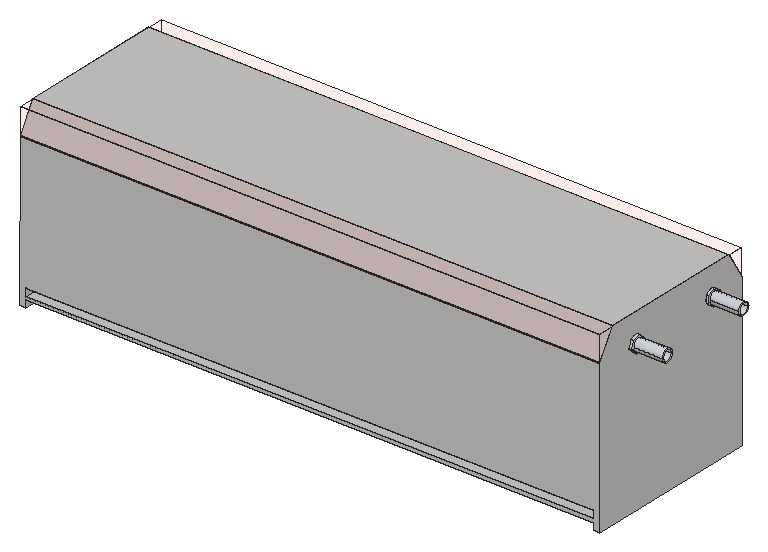
Revit family "Air-Curtain_Climate-Control_PoweredAire_ECE-HW", category Mechanical Equipment, host Face, Revit 2022
Family settings
  Host = Face
  Round Connector Dimension = Use Diameter
  Part Type = Normal
  OmniClass Number = 23.75.35.17.21
  OmniClass Title = Air Curtains
  Cut with Voids When Loaded = No
  Maintain Annotation Orientation = No
  Shared = No
  Room Calculation Point = No
Parameters
  upperrotation [instance] = if(Upper Pipe Connection Side A, 0.00°, 180.00°)  # 0.00°
  lowerrotation [instance] = if(Lower Pipe Connection Side A, 0.00°, 180.00°)  # 0.00°
  locateupperpipe [instance] = if(Upper Pipe Connection Side A, 0' 0", Nozzle Width)  # 0' - 0"
  locatelowerpipe [instance] = if(Lower Pipe Connection Side A, 0' 0", Nozzle Width)  # 0' - 0"
  Upper Pipe Connection Side A [instance] = yes
  Unit Width Notes = "Other Widths available."  # constant formula
  Unit Width = 4' - 1"
  Unit Weight = 0
  Unit Height = 1' - 3"
  Unit Depth [instance] = if(Include Filters, 2' 1 7/8", 1' 11 3/4")  # 1' - 11 3/4"
  Unit  Depth [instance] = 1' - 3"
  URL = "http://www.poweredaire.com/"
  Specification = ""
  Projection from Host [instance] = 0' - 0"
  Product Page URL = "https://www.arcat.com/company/powered-aire-inc-47623"
  Power Rating = 0 W
  Piping_Water Flow [instance] = 0 GPM
  Piping_Operating Pressure [instance] = 0.00 psi
  Piping_Exit Temperature [instance] = 0 °F
  Piping_Entry Temperature [instance] = 0 °F
  Pipe OD [instance] = 5/8"
  Nozzle Width = if(1 = 1, Unit Width - 0' 3", 0' 0")  # 3' - 10"
  Mounting Width = if(1 = 1, Unit Width - 0' 1 1/2", 0' 0")  # 3' - 11 1/2"
  Mounting Height [instance] = 3' - 6"
  Motor RPM = 0
  Motor HP = 0
  Motor Count = 0
  Model = "ECE HW"
  Max Height = 0' - 0"
  Manufacturer = "Powered Aire, Inc"
  Lower Pipe Connection Side A [instance] = yes
  Keynote = "23 34 33"
  Include Filters [instance] = no
  Include Clearance [instance] = yes
  Heating Element Load = 0 W
  HVAC_Temperature Rise [instance] = 0 °F
  HVAC_Outlet Volume [instance] = 0 CFM
  HVAC_Outlet Velocity Uniformity = 0
  HVAC_Outlet Velocity [instance] = 0 FPM
  HVAC_BTU Input = 0.0 Btu/h
  Front Grating Material [instance] = Metal - Steel - PoweredAire - Stainless 304 Perforated
  Frame Finish [instance] = Metal - Steel - PoweredAire - Stainless 304
  Electrical_Wattage [instance] = Power Rating + Heating Element Load  # 0 W
  Electrical_Voltage [instance] = 0 V
  Electrical_Phase [instance] = 1
  Electrical_Frequency [instance] = 0 Hz
  Electrical_Amperage [instance] = 0 A
  Description = ""
  Default Elevation = 0' - 0"  # constant formula
  Copyright = "©Arcat Inc."
  Clearance_Top [instance] = 0' - 0"
  Clearance_Side B [instance] = 0' - 0"
  Clearance_Side A [instance] = 0' - 0"
  Clearance_Intake [instance] = 0' - 0"
  Clearance_Bottom [instance] = 0' - 0"
  Clearance Material [instance] = ARCAT Clearance
  CAD Details = ""
  Assembly Code = "D3090400"
Reference planes (in)
  plane 1 "Center (Elevation)": y = 0.13818
  plane 2: z = 0
  plane 3 "Center (Left/Right)": x = 0
  plane 4: y = 7.63818
  plane 5: y = -7.36182
  plane 6: x = 24.5
  plane 7: z = 15
  plane 8 "FF": y = -41.86182
  plane 9: x = 24.5
  plane 10: x = -24.5
  plane 11: y = 7.63818
  plane 12: y = -7.36182
  plane 13: x = -24.5
  plane 14: y = 6.26318
  plane 15: y = -5.98682
  plane 16: z = 12.75
  plane 17: y = 4.38818
  plane 18: y = -3.67182
  plane 19: z = 0
  plane 20: y = 9.88818
  plane 21: x = 24
  plane 22: x = -24
Forms (in)
  Extrusion 1, solid, material "Metal - Steel - PoweredAire - Stainless 304" <- "Frame Finish"
    sketch origin (0, -0.0191, 0) x (0, 1, 0) y (0, 0, 1)
      loop
        line (-7.34273, 0) -> (7.65727, 0) -> (7.65727, 12.75) -> (6.24408, 15.03125) -> (-5.96773, 15.03125) -> (-7.34273, 12.75) -> (-7.34273, 0)
    from -24.5 to 24.5
  Extrusion 2, solid, material "ARCAT Clearance" <- "Clearance Material", visible <- "Include Clearance"
    sketch origin (0, 0, 0) x (0, 1, 0) y (0, 0, 1)
      loop
        line (-7.36182, 15) -> (-7.36182, 0) -> (7.63818, 0) -> (7.63818, 15) -> (-7.36182, 15)
    from -24.5 to 24.5
  Extrusion 3, solid
    sketch origin (0, 0, 0) x (0, 1, 0) y (0, 0, 1)
      loop
        circle (-3.67182, 12.75) r 0.44922
      loop
        circle (4.38818, 12.75) r 0.44922
      loop
        circle (-3.67182, 12.75) r 0.5
      loop
        circle (4.38818, 12.75) r 0.5
    from 24.5 to 27.25
  Extrusion 4, solid
    sketch origin (0, 0, 0) x (0, 1, 0) y (0, 0, 1)
      loop
        line (-3.19979, 12.27796) -> (-3.02701, 12.92278) -> (-3.49905, 13.39481) -> (-4.14386, 13.22204) -> (-4.31664, 12.57722) -> (-3.8446, 12.10519) -> (-3.19979, 12.27796)
      loop
        line (4.93501, 12.3671) -> (4.99319, 13.03212) -> (4.44636, 13.41502) -> (3.84134, 13.1329) -> (3.78316, 12.46788) -> (4.32999, 12.08498) -> (4.93501, 12.3671)
      loop
        circle (-3.67182, 12.75) r 0.5
      loop
        circle (4.38818, 12.75) r 0.5
    from 24.5 to 24.78
  Extrusion 5, void
    sketch origin (0.25, 0, -1) x (0, 1, 0) y (0, 0, 1)
      loop
        line (-7.36182, 1) -> (-6.36182, 1) -> (-6.36182, 2.5) -> (-7.36182, 2.5) -> (-7.36182, 1.82425) -> (-6.50864, 1.82425) -> (-6.50864, 1.57425) -> (-7.36182, 1.57425) -> (-7.36182, 1)
    from -24.25 to 23.75
  Extrusion 6, solid
    sketch origin (0, 0.13818, 0) x (1, 0, 0) y (0, 0, 1)
      loop
        line (1.90625, 10.0625) -> (-1.90625, 10.0625)
        arc (-1.90625, 10.0625) -> (-1.97254, 10.03504) -> (-2, 9.96875) r 0.09375
        line (-2, 9.96875) -> (-2, 6.15625)
        arc (-2, 6.15625) -> (-1.97254, 6.08996) -> (-1.90625, 6.0625) r 0.09375
        line (-1.90625, 6.0625) -> (1.90625, 6.0625)
        arc (1.90625, 6.0625) -> (1.97254, 6.08996) -> (2, 6.15625) r 0.09375
        line (2, 6.15625) -> (2, 9.96875)
        arc (2, 9.96875) -> (1.97254, 10.03504) -> (1.90625, 10.0625) r 0.09375
    from -9.75 to -7.5
  Extrusion 7, solid, material "Metal - Steel - PoweredAire - Stainless 304 Perforated"
    sketch origin (0, 0, 0) x (0, 1, 0) y (0, 0, 1)
      loop
        line (-5.98682, 15.03125) -> (6.22498, 15.03125) -> (7.63818, 12.75) -> (7.63818, 12.80115) -> (6.24908, 15.07422) -> (-6.01109, 15.07422) -> (-7.36182, 12.83324) -> (-7.36182, 12.75) -> (-5.98682, 15.03125)
    from -24.5 to 24.5
  Extrusion 8, solid
    sketch origin (0, 0, 0) x (0, 1, 0) y (0, 0, 1)
      loop
        circle (-3.67182, 12.75) r 0.53906
      loop
        circle (4.38818, 12.75) r 0.53906
    from 23.98 to 24.5
Cuts and joins
  Extrusion 5 cuts Extrusion 1
  Extrusion 5 cuts Extrusion 2
Lines and regions (in)
  reference lines
    curve 1: line (19.5, 6.26318, 0) -> (24.25, 6.26318, 0)
    curve 2: line (19.5, -5.98682, 0) -> (23.75, -5.98682, 0)
Dimensions and locks (in)
  equal spacing: plane 4, plane 1 "Center (Elevation)", plane 5
  "Unit Height": plane 4 to plane 5
  plane 10 to plane 3 "Center (Left/Right)" to plane 9 = 2' - 0 1/2", 2' - 0 1/2"
  "Mounting Height": plane 1 "Center (Elevation)" to plane 8 "FF"
  "Clearance_Top": plane 11 to plane 4
  "Clearance_Bottom": plane 5 to plane 12
  locked: plane 12 to plane 18 at 3.69
  locked: plane 17 to plane 11 at 3.25
  locked: Extrusion 1 to Extrusion 3 at 2.75
  "Clearance_Side B": plane 9 to plane 6
  "Clearance_Side A": plane 13 to plane 10
  "Unit Width": plane 10 to plane 9
  locked: plane 6 to Extrusion 4 at 0.28
  Extrusion 5 sketch curve to Extrusion 5 sketch curve to Extrusion 5 sketch curve to Extrusion 5 sketch curve = 0' - 0.67575" locked, 0' - 0 1/4" locked, 0' - 0.57425" locked
  locked: Extrusion 5 sketch curve to Extrusion 5 sketch curve at 0.14681
  "Projection from Host": plane 2 to plane 19
  locked: plane 16 to plane 7 at 2.25
  "Unit  Depth": plane 7 to plane 19
  Extrusion 6 to plane 3 "Center (Left/Right)" to Extrusion 6 = 0' - 2" locked, 0' - 2" locked
  locked: Extrusion 6 to Extrusion 6 at 4
  locked: Extrusion 6 to plane 7 at 4.9375
  locked: cut or joined group of Extrusion 2, Extrusion 5 to Extrusion 6 at 2.25
  locked: plane 20 to plane 11 at 2.25
  equal spacing: cut or joined group of Extrusion 2, Extrusion 5, plane 3 "Center (Left/Right)", cut or joined group of Extrusion 2, Extrusion 5
  locked: plane 22 to plane 10 at 0.5
  locked: plane 9 to plane 21 at 0.5
  locked: Extrusion 8 to plane 6 at 0.52
  plane 9 to plane 6 = 0' - 0"
  aligned and locked: plane 2 to host face
  aligned and locked: host face to level
  aligned and locked: plane 12 to Extrusion 2 sketch curve
  aligned and locked: level to Extrusion 2 sketch curve
  aligned and locked: Extrusion 2 sketch curve to plane 11
  aligned and locked: Extrusion 2 to plane 13
  aligned and locked: plane 9 to Extrusion 1
  aligned and locked: Extrusion 1 to plane 10
  aligned and locked: plane 15 to curve 2
  aligned and locked: plane 14 to curve 1
  aligned and locked: plane 6 to Extrusion 2
  aligned and locked: Extrusion 3 to Extrusion 1
  aligned and locked: Extrusion 3 to plane 9
  aligned and locked: plane 9 to Extrusion 3  (x2)
  aligned and locked: plane 10 to Extrusion 1
  aligned and locked: Extrusion 4 to plane 6
  aligned and locked: plane 19 to cut or joined group of Extrusion 1, Extrusion 5
  aligned and locked: Extrusion 1 to Extrusion 5
  aligned and locked: Extrusion 1 to plane 4
  aligned and locked: Extrusion 1 to plane 5
  aligned and locked: cut or joined group of Extrusion 1, Extrusion 5 to plane 11
  aligned and locked: Extrusion 7 sketch curve to plane 5
  aligned and locked: plane 4 to Extrusion 7 sketch curve
  aligned and locked: Extrusion 7 to cut or joined group of Extrusion 1, Extrusion 5  (x2)
  aligned and locked: Extrusion 6 to cut or joined group of Extrusion 1, Extrusion 5
  aligned and locked: cut or joined group of Extrusion 1, Extrusion 5 to Extrusion 6
  aligned and locked: Extrusion 6 to plane 20
  aligned and locked: Extrusion 5 to cut or joined group of Extrusion 2, Extrusion 5  (x2)
  aligned and locked: plane 21 to cut or joined group of Extrusion 2, Extrusion 5
  aligned and locked: cut or joined group of Extrusion 2, Extrusion 5 to plane 22
  aligned and locked: Extrusion 8 to Extrusion 4
Automatic sketch dimensions
  host sketch curve to host sketch curve = 8' - 0"  (x2)
  curve 1 to plane 9 = 0' - 0 1/4"
  curve 1 to curve 1 = 0' - 4 3/4"
  curve 2 to plane 9 = 0' - 5"
  Extrusion 3 sketch curve to Extrusion 3 sketch curve = 0' - 0"  (x4)
  Extrusion 3 sketch curve to plane 16 = 0' - 0"  (x2)
  Extrusion 3 sketch curve to plane 18 = 0' - 0"
  Extrusion 3 sketch curve to plane 17 = 0' - 0"
  Extrusion 4 sketch curve to plane 16 = 0' - 0"  (x2)
  Extrusion 4 sketch curve to plane 18 = 0' - 0"
  Extrusion 4 sketch curve to plane 17 = 0' - 0"
  plane 18 to Extrusion 4 sketch curve = 0' - 0.17278"
  plane 18 to Extrusion 4 sketch curve = 0' - 0.47204"
  Extrusion 4 sketch curve to plane 16 = 0' - 0.17278"
  plane 18 to Extrusion 4 sketch curve = 0' - 0.64481"
  Extrusion 4 sketch curve to plane 18 = 0' - 0.17278"
  Extrusion 4 sketch curve to plane 18 = 0' - 0.47204"
  plane 16 to Extrusion 4 sketch curve = 0' - 0.17278"
  Extrusion 4 sketch curve to plane 18 = 0' - 0.64481"
  Extrusion 4 sketch curve to plane 16 = 0' - 0.28212"
  plane 17 to Extrusion 4 sketch curve = 0' - 0.60502"
  plane 17 to Extrusion 4 sketch curve = 0' - 0.54683"
  plane 17 to Extrusion 4 sketch curve = 0' - 0.05818"
  Extrusion 4 sketch curve to plane 17 = 0' - 0.05818"
  Extrusion 4 sketch curve to plane 17 = 0' - 0.54683"
  plane 16 to Extrusion 4 sketch curve = 0' - 0.28212"
  Extrusion 4 sketch curve to plane 17 = 0' - 0.60502"
  Extrusion 4 sketch curve to plane 16 = 0' - 0.3829"
  Extrusion 4 sketch curve to plane 16 = 0' - 0.47204"
  Extrusion 4 sketch curve to plane 16 = 0' - 0.64481"
  Extrusion 4 sketch curve to plane 16 = 0' - 0.66502"
  plane 16 to Extrusion 4 sketch curve = 0' - 0.3829"
  plane 16 to Extrusion 4 sketch curve = 0' - 0.47204"
  plane 16 to Extrusion 4 sketch curve = 0' - 0.64481"
  plane 16 to Extrusion 4 sketch curve = 0' - 0.66502"
  Extrusion 5 sketch curve to plane 5 = 0' - 0"  (x2)
  plane 15 to Extrusion 5 sketch curve = 0' - 0.52181"
  Extrusion 2 sketch curve to plane 7 = 0' - 0"
  plane 19 to Extrusion 5 sketch curve = 0' - 0"
  Extrusion 6 sketch curve to plane 3 "Center (Left/Right)" = 0' - 2"
  Extrusion 6 sketch curve to Extrusion 6 sketch curve = 0' - 0 3/32"  (x3)
  plane 3 "Center (Left/Right)" to Extrusion 6 sketch curve = 0' - 1 29/32"  (x2)
  level to Extrusion 6 sketch curve = 0' - 6 1/16"
  Extrusion 6 sketch curve to plane 16 = 0' - 2 25/32"
  Extrusion 7 sketch curve to plane 15 = 0' - 0"
  Extrusion 7 sketch curve to plane 16 = 0' - 0"  (x2)
  plane 14 to Extrusion 7 sketch curve = 0' - 0.03819"
  plane 14 to Extrusion 7 sketch curve = 0' - 0.0141"
  Extrusion 7 sketch curve to Extrusion 7 sketch curve = 0' - 0.05115"
  Extrusion 7 sketch curve to Extrusion 7 sketch curve = 0' - 0.08324"
  plane 7 to Extrusion 7 sketch curve = 0' - 0 1/32"
  Extrusion 7 sketch curve to Extrusion 7 sketch curve = 0' - 0 11/256"
  plane 15 to Extrusion 7 sketch curve = 0' - 0.02427"
  Extrusion 1 sketch curve to plane 5 = 0' - 0"
  Extrusion 1 sketch curve to plane 15 = 0' - 0"
  Extrusion 1 sketch curve to level = 0' - 0"
  Extrusion 1 sketch curve to plane 4 = 0' - 0"
  Extrusion 1 sketch curve to plane 16 = 0' - 0"  (x2)
  plane 14 to Extrusion 1 sketch curve = 0' - 0.03819"
  plane 7 to Extrusion 1 sketch curve = 0' - 0 1/32"
  curve 2 to plane 6 = 0' - 0 3/4"
  Extrusion 8 sketch curve to plane 16 = 0' - 0"  (x2)
  Extrusion 8 sketch curve to plane 18 = 0' - 0"
  Extrusion 8 sketch curve to plane 17 = 0' - 0"
  radius of Extrusion 3 sketch curve = 0' - 0 115/256"  (x2)
  radius of Extrusion 3 sketch curve = 0' - 0 1/2"  (x2)
  radius of Extrusion 4 sketch curve = 0' - 0 1/2"  (x2)
  radius of Extrusion 8 sketch curve = 0' - 0 69/128"  (x2)
